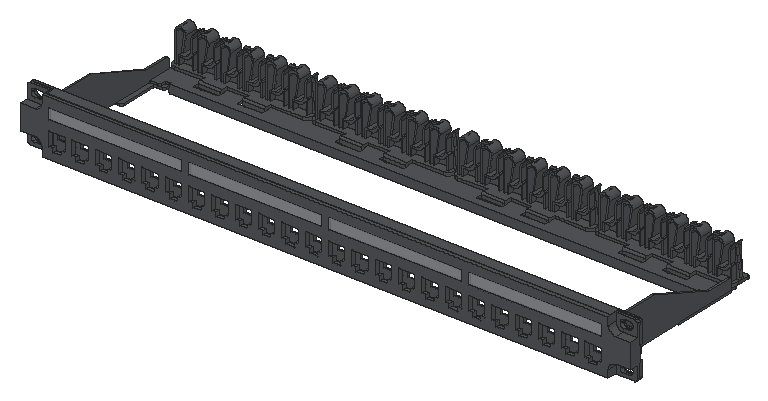
Revit family "Panneau de brassage", category Equipement spécialisé, Revit 2020 (continued)
Dimensions and locks
  aligned and locked: Extrusion 159 sketch curve to plane 627
  aligned and locked: Extrusion 159 sketch curve to plane 623
  aligned and locked: Extrusion 159 sketch curve to plane 622
  aligned and locked: Extrusion 159 sketch curve to Extrusion 159 sketch curve
  aligned and locked: plane 634 to Extrusion 160 sketch curve
  aligned and locked: Extrusion 160 sketch curve to plane 637
  aligned and locked: Extrusion 160 sketch curve to plane 643
  aligned and locked: Extrusion 160 sketch curve to plane 642
  aligned and locked: Extrusion 160 sketch curve to plane 638
  aligned and locked: plane 639 to Extrusion 160 sketch curve
  aligned and locked: Extrusion 160 sketch curve to plane 640
  aligned and locked: Extrusion 160 sketch curve to plane 636
  aligned and locked: Extrusion 160 sketch curve to plane 635
  aligned and locked: Extrusion 160 sketch curve to Extrusion 160 sketch curve
  aligned and locked: plane 647 to Extrusion 161 sketch curve
  aligned and locked: Extrusion 161 sketch curve to plane 650
  aligned and locked: Extrusion 161 sketch curve to plane 656
  aligned and locked: Extrusion 161 sketch curve to plane 655
  aligned and locked: Extrusion 161 sketch curve to plane 651
  aligned and locked: plane 652 to Extrusion 161 sketch curve
  aligned and locked: Extrusion 161 sketch curve to plane 653
  aligned and locked: Extrusion 161 sketch curve to plane 649
  aligned and locked: Extrusion 161 sketch curve to plane 648
  aligned and locked: Extrusion 161 sketch curve to Extrusion 161 sketch curve
  aligned and locked: plane 660 to Extrusion 162 sketch curve
  aligned and locked: Extrusion 162 sketch curve to plane 663
  aligned and locked: Extrusion 162 sketch curve to plane 669
  aligned and locked: Extrusion 162 sketch curve to plane 668
  aligned and locked: Extrusion 162 sketch curve to plane 664
  aligned and locked: plane 665 to Extrusion 162 sketch curve
  aligned and locked: Extrusion 162 sketch curve to plane 666
  aligned and locked: Extrusion 162 sketch curve to plane 662
  aligned and locked: Extrusion 162 sketch curve to plane 661
  aligned and locked: Extrusion 162 sketch curve to Extrusion 162 sketch curve
  aligned and locked: plane 673 to Extrusion 163 sketch curve
  aligned and locked: Extrusion 163 sketch curve to plane 676
  aligned and locked: Extrusion 163 sketch curve to plane 682
  aligned and locked: Extrusion 163 sketch curve to plane 681
  aligned and locked: Extrusion 163 sketch curve to plane 677
  aligned and locked: plane 678 to Extrusion 163 sketch curve
  aligned and locked: Extrusion 163 sketch curve to plane 679
  aligned and locked: Extrusion 163 sketch curve to plane 675
  aligned and locked: Extrusion 163 sketch curve to plane 674
  aligned and locked: Extrusion 163 sketch curve to Extrusion 163 sketch curve
  aligned and locked: Extrusion 164 sketch curve to Extrusion 158  (x10)
  aligned and locked: Extrusion 158 to Extrusion 164 sketch curve
  aligned and locked: Extrusion 160 to Extrusion 166 sketch curve
  aligned and locked: Extrusion 167 to Extrusion 161
  aligned and locked: Extrusion 162 to Extrusion 168 sketch curve
  aligned and locked: Extrusion 169 to Extrusion 163
  aligned and locked: plane 685 to Extrusion 158
  aligned and locked: plane 685 to Extrusion 170 sketch curve
  aligned and locked: plane 686 to Extrusion 171 sketch curve
  aligned and locked: plane 687 to Extrusion 172 sketch curve
  aligned and locked: plane 688 to Extrusion 173 sketch curve
  aligned and locked: plane 689 to Extrusion 174 sketch curve
  aligned and locked: Extrusion 175 sketch curve to plane 690
  aligned and locked: plane 692 to Extrusion 175 sketch curve
  aligned and locked: plane 691 to Extrusion 175 sketch curve
  aligned and locked: Extrusion 175 sketch curve to plane 693
  aligned and locked: plane 694 to Extrusion 178 sketch curve
  aligned and locked: plane 696 to Extrusion 175
  aligned and locked: plane 695 to Extrusion 178 sketch curve
  aligned and locked: Extrusion 179 sketch curve to plane 698
  aligned and locked: Extrusion 179 sketch curve to plane 699
  aligned and locked: Extrusion 178 to Extrusion 179 sketch curve  (x2)
  aligned and locked: plane 701 to Extrusion 180 sketch curve
  aligned and locked: Extrusion 180 to Extrusion 178
  aligned and locked: Extrusion 181 sketch curve to plane 702
  aligned and locked: plane 703 to Extrusion 181 sketch curve
  aligned and locked: plane 705 to Extrusion 182 sketch curve
  aligned and locked: Extrusion 182 sketch curve to plane 706
  aligned and locked: Extrusion 181 to Extrusion 182 sketch curve  (x2)
  aligned and locked: Extrusion 183 sketch curve to plane 708
  aligned and locked: Extrusion 183 to Extrusion 181
  aligned and locked: plane 710 to Extrusion 184 sketch curve
  aligned and locked: Extrusion 184 sketch curve to plane 713
  aligned and locked: Extrusion 184 sketch curve to plane 719
  aligned and locked: Extrusion 184 sketch curve to plane 718
  aligned and locked: Extrusion 184 sketch curve to plane 714
  aligned and locked: plane 715 to Extrusion 184 sketch curve
  aligned and locked: Extrusion 184 sketch curve to plane 716
  aligned and locked: Extrusion 184 sketch curve to plane 712
  aligned and locked: Extrusion 184 sketch curve to plane 711
  aligned and locked: Extrusion 184 sketch curve to Extrusion 184 sketch curve
  aligned and locked: plane 723 to Extrusion 185 sketch curve
  aligned and locked: Extrusion 185 sketch curve to plane 726
  aligned and locked: Extrusion 185 sketch curve to plane 732
  aligned and locked: Extrusion 185 sketch curve to plane 731
  aligned and locked: Extrusion 185 sketch curve to plane 727
  aligned and locked: plane 728 to Extrusion 185 sketch curve
  aligned and locked: Extrusion 185 sketch curve to plane 729
  aligned and locked: Extrusion 185 sketch curve to plane 725
  aligned and locked: Extrusion 185 sketch curve to plane 724
  aligned and locked: Extrusion 185 sketch curve to Extrusion 185 sketch curve
  aligned and locked: plane 736 to Extrusion 186 sketch curve
  aligned and locked: Extrusion 186 sketch curve to plane 739
  aligned and locked: Extrusion 186 sketch curve to plane 745
  aligned and locked: Extrusion 186 sketch curve to plane 744
  aligned and locked: Extrusion 186 sketch curve to plane 740
  aligned and locked: plane 741 to Extrusion 186 sketch curve
  aligned and locked: Extrusion 186 sketch curve to plane 742
  aligned and locked: Extrusion 186 sketch curve to plane 738
  aligned and locked: Extrusion 186 sketch curve to plane 737
  aligned and locked: Extrusion 186 sketch curve to Extrusion 186 sketch curve
  aligned and locked: plane 749 to Extrusion 187 sketch curve
  aligned and locked: Extrusion 187 sketch curve to plane 752
  aligned and locked: Extrusion 187 sketch curve to plane 758
  aligned and locked: Extrusion 187 sketch curve to plane 757
  aligned and locked: Extrusion 187 sketch curve to plane 753
  aligned and locked: plane 754 to Extrusion 187 sketch curve
  aligned and locked: Extrusion 187 sketch curve to plane 755
  aligned and locked: Extrusion 187 sketch curve to plane 751
  aligned and locked: Extrusion 187 sketch curve to plane 750
  aligned and locked: Extrusion 187 sketch curve to Extrusion 187 sketch curve
  aligned and locked: plane 762 to Extrusion 188 sketch curve
  aligned and locked: Extrusion 188 sketch curve to plane 765
  aligned and locked: Extrusion 188 sketch curve to plane 771
  aligned and locked: Extrusion 188 sketch curve to plane 770
  aligned and locked: Extrusion 188 sketch curve to plane 766
  aligned and locked: plane 767 to Extrusion 188 sketch curve
  aligned and locked: Extrusion 188 sketch curve to plane 768
  aligned and locked: Extrusion 188 sketch curve to plane 764
  aligned and locked: Extrusion 188 sketch curve to plane 763
  aligned and locked: Extrusion 188 sketch curve to Extrusion 188 sketch curve
  aligned and locked: plane 775 to Extrusion 189 sketch curve
  aligned and locked: Extrusion 189 sketch curve to plane 778
  aligned and locked: Extrusion 189 sketch curve to plane 784
  aligned and locked: Extrusion 189 sketch curve to plane 783
  aligned and locked: Extrusion 189 sketch curve to plane 779
  aligned and locked: plane 780 to Extrusion 189 sketch curve
  aligned and locked: Extrusion 189 sketch curve to plane 781
  aligned and locked: Extrusion 189 sketch curve to plane 777
  aligned and locked: Extrusion 189 sketch curve to plane 776
  aligned and locked: Extrusion 189 sketch curve to Extrusion 189 sketch curve
  aligned and locked: Extrusion 190 sketch curve to Extrusion 184  (x10)
  aligned and locked: Extrusion 184 to Extrusion 190 sketch curve
  aligned and locked: Extrusion 186 to Extrusion 192 sketch curve
  aligned and locked: Extrusion 193 to Extrusion 187
  aligned and locked: Extrusion 188 to Extrusion 194 sketch curve
  aligned and locked: Extrusion 195 to Extrusion 189
  aligned and locked: plane 787 to Extrusion 184
  aligned and locked: plane 787 to Extrusion 196 sketch curve
  aligned and locked: plane 788 to Extrusion 197 sketch curve
  aligned and locked: plane 789 to Extrusion 198 sketch curve
  aligned and locked: plane 790 to Extrusion 199 sketch curve
  aligned and locked: plane 791 to Extrusion 200 sketch curve
  aligned and locked: Extrusion 201 sketch curve to cut or joined group of Extrusion 31, Extrusion 32, Extrusion 33, Extrusion 34, Extrusion 35, Extrusion 36, Extrusion 37, Extrusion 38, Extrusion 39, Extrusion 40, Extrusion 41, Extrusion 42, Extrusion 43, Extrusion 44, Extrusion 45, Extrusion 46, Extrusion 47, Extrusion 48, Extrusion 49, Extrusion 50, Extrusion 51, Extrusion 52, Extrusion 53, Extrusion 54, Extrusion 55, Extrusion 56, Extrusion 57, Extrusion 58, Extrusion 59, Extrusion 60, Extrusion 61, Extrusion 62  (x16)
  aligned and locked: Extrusion 201 to cut or joined group of Extrusion 1, Extrusion 2, Extrusion 3, Extrusion 4, Extrusion 5, Extrusion 6, Extrusion 7, Extrusion 8, Extrusion 9, Extrusion 10, Extrusion 11, Extrusion 12, Extrusion 13, Extrusion 14, Extrusion 15, Extrusion 16, Extrusion 17, Extrusion 18, Extrusion 19, Extrusion 20, Extrusion 21, Extrusion 22, Extrusion 23, Extrusion 24, Extrusion 25, Extrusion 26, Extrusion 27, Extrusion 28, Extrusion 29, Extrusion 30, Extrusion 32
Automatic sketch dimensions
  Extrusion 7 sketch curve to Extrusion 7 sketch curve = 5.4 mm
  Extrusion 7 sketch curve to Extrusion 7 sketch curve = 4 mm
  Extrusion 7 sketch curve to Extrusion 7 sketch curve = 14.8 mm
  Extrusion 7 sketch curve to Extrusion 7 sketch curve = 20.6 mm
  Extrusion 7 sketch curve to Extrusion 7 sketch curve = 0 mm
  Extrusion 7 sketch curve to Extrusion 7 sketch curve = 2.1 mm
  Extrusion 8 sketch curve to Extrusion 8 sketch curve = 5.4 mm
  Extrusion 8 sketch curve to Extrusion 8 sketch curve = 4 mm
  Extrusion 8 sketch curve to Extrusion 8 sketch curve = 14.8 mm
  Extrusion 8 sketch curve to Extrusion 8 sketch curve = 20.6 mm
  Extrusion 8 sketch curve to Extrusion 8 sketch curve = 0 mm
  Extrusion 8 sketch curve to Extrusion 8 sketch curve = 2.1 mm
  Extrusion 9 sketch curve to Extrusion 9 sketch curve = 5.4 mm
  Extrusion 9 sketch curve to Extrusion 9 sketch curve = 4 mm
  Extrusion 9 sketch curve to Extrusion 9 sketch curve = 14.8 mm
  Extrusion 9 sketch curve to Extrusion 9 sketch curve = 20.6 mm
  Extrusion 9 sketch curve to Extrusion 9 sketch curve = 0 mm
  Extrusion 9 sketch curve to Extrusion 9 sketch curve = 2.1 mm
  Extrusion 10 sketch curve to Extrusion 10 sketch curve = 5.4 mm
  Extrusion 10 sketch curve to Extrusion 10 sketch curve = 4 mm
  Extrusion 10 sketch curve to Extrusion 10 sketch curve = 14.8 mm
  Extrusion 10 sketch curve to Extrusion 10 sketch curve = 20.6 mm
  Extrusion 10 sketch curve to Extrusion 10 sketch curve = 0 mm
  Extrusion 10 sketch curve to Extrusion 10 sketch curve = 2.1 mm
  Extrusion 11 sketch curve to Extrusion 11 sketch curve = 5.4 mm
  Extrusion 11 sketch curve to Extrusion 11 sketch curve = 4 mm
  Extrusion 11 sketch curve to Extrusion 11 sketch curve = 14.8 mm
  Extrusion 11 sketch curve to Extrusion 11 sketch curve = 20.6 mm
  Extrusion 11 sketch curve to Extrusion 11 sketch curve = 0 mm
  Extrusion 11 sketch curve to Extrusion 11 sketch curve = 2.1 mm
  Extrusion 12 sketch curve to Extrusion 12 sketch curve = 5.4 mm
  Extrusion 12 sketch curve to Extrusion 12 sketch curve = 4 mm
  Extrusion 12 sketch curve to Extrusion 12 sketch curve = 14.8 mm
  Extrusion 12 sketch curve to Extrusion 12 sketch curve = 20.6 mm
  Extrusion 12 sketch curve to Extrusion 12 sketch curve = 0 mm
  Extrusion 12 sketch curve to Extrusion 12 sketch curve = 2.1 mm
  Extrusion 13 sketch curve to Extrusion 13 sketch curve = 5.4 mm
  Extrusion 13 sketch curve to Extrusion 13 sketch curve = 4 mm
  Extrusion 13 sketch curve to Extrusion 13 sketch curve = 14.8 mm
  Extrusion 13 sketch curve to Extrusion 13 sketch curve = 20.6 mm
  Extrusion 13 sketch curve to Extrusion 13 sketch curve = 0 mm
  Extrusion 13 sketch curve to Extrusion 13 sketch curve = 2.1 mm
  Extrusion 14 sketch curve to Extrusion 14 sketch curve = 5.4 mm
  Extrusion 14 sketch curve to Extrusion 14 sketch curve = 4 mm
  Extrusion 14 sketch curve to Extrusion 14 sketch curve = 14.8 mm
  Extrusion 14 sketch curve to Extrusion 14 sketch curve = 20.6 mm
  Extrusion 14 sketch curve to Extrusion 14 sketch curve = 0 mm
  Extrusion 14 sketch curve to Extrusion 14 sketch curve = 2.1 mm
  Extrusion 15 sketch curve to Extrusion 15 sketch curve = 5.4 mm
  Extrusion 15 sketch curve to Extrusion 15 sketch curve = 4 mm
  Extrusion 15 sketch curve to Extrusion 15 sketch curve = 14.8 mm
  Extrusion 15 sketch curve to Extrusion 15 sketch curve = 20.6 mm
  Extrusion 15 sketch curve to Extrusion 15 sketch curve = 0 mm
  Extrusion 15 sketch curve to Extrusion 15 sketch curve = 2.1 mm
  Extrusion 16 sketch curve to Extrusion 16 sketch curve = 5.4 mm
  Extrusion 16 sketch curve to Extrusion 16 sketch curve = 4 mm
  Extrusion 16 sketch curve to Extrusion 16 sketch curve = 14.8 mm
  Extrusion 16 sketch curve to Extrusion 16 sketch curve = 20.6 mm
  Extrusion 16 sketch curve to Extrusion 16 sketch curve = 0 mm
  Extrusion 16 sketch curve to Extrusion 16 sketch curve = 2.1 mm
  Extrusion 17 sketch curve to Extrusion 17 sketch curve = 5.4 mm
  Extrusion 17 sketch curve to Extrusion 17 sketch curve = 4 mm
  Extrusion 17 sketch curve to Extrusion 17 sketch curve = 14.8 mm
  Extrusion 17 sketch curve to Extrusion 17 sketch curve = 20.6 mm
  Extrusion 17 sketch curve to Extrusion 17 sketch curve = 0 mm
  Extrusion 17 sketch curve to Extrusion 17 sketch curve = 2.1 mm
  Extrusion 18 sketch curve to Extrusion 18 sketch curve = 5.4 mm
  Extrusion 18 sketch curve to Extrusion 18 sketch curve = 4 mm
  Extrusion 18 sketch curve to Extrusion 18 sketch curve = 14.8 mm
  Extrusion 18 sketch curve to Extrusion 18 sketch curve = 20.6 mm
  Extrusion 18 sketch curve to Extrusion 18 sketch curve = 0 mm
  Extrusion 18 sketch curve to Extrusion 18 sketch curve = 2.1 mm
  Extrusion 19 sketch curve to Extrusion 19 sketch curve = 5.4 mm
  Extrusion 19 sketch curve to Extrusion 19 sketch curve = 4 mm
  Extrusion 19 sketch curve to Extrusion 19 sketch curve = 14.8 mm
  Extrusion 19 sketch curve to Extrusion 19 sketch curve = 20.6 mm
  Extrusion 19 sketch curve to Extrusion 19 sketch curve = 0 mm
  Extrusion 19 sketch curve to Extrusion 19 sketch curve = 2.1 mm
  Extrusion 20 sketch curve to Extrusion 20 sketch curve = 5.4 mm
  Extrusion 20 sketch curve to Extrusion 20 sketch curve = 4 mm
  Extrusion 20 sketch curve to Extrusion 20 sketch curve = 14.8 mm
  Extrusion 20 sketch curve to Extrusion 20 sketch curve = 20.6 mm
  Extrusion 20 sketch curve to Extrusion 20 sketch curve = 0 mm
  Extrusion 20 sketch curve to Extrusion 20 sketch curve = 2.1 mm
  Extrusion 21 sketch curve to Extrusion 21 sketch curve = 5.4 mm
  Extrusion 21 sketch curve to Extrusion 21 sketch curve = 4 mm
  Extrusion 21 sketch curve to Extrusion 21 sketch curve = 14.8 mm
  Extrusion 21 sketch curve to Extrusion 21 sketch curve = 20.6 mm
  Extrusion 21 sketch curve to Extrusion 21 sketch curve = 0 mm
  Extrusion 21 sketch curve to Extrusion 21 sketch curve = 2.1 mm
  Extrusion 22 sketch curve to Extrusion 22 sketch curve = 5.4 mm
  Extrusion 22 sketch curve to Extrusion 22 sketch curve = 4 mm
  Extrusion 22 sketch curve to Extrusion 22 sketch curve = 14.8 mm
  Extrusion 22 sketch curve to Extrusion 22 sketch curve = 20.6 mm
  Extrusion 22 sketch curve to Extrusion 22 sketch curve = 0 mm
  Extrusion 22 sketch curve to Extrusion 22 sketch curve = 2.1 mm
  Extrusion 23 sketch curve to Extrusion 23 sketch curve = 5.4 mm
  Extrusion 23 sketch curve to Extrusion 23 sketch curve = 4 mm
  Extrusion 23 sketch curve to Extrusion 23 sketch curve = 14.8 mm
  Extrusion 23 sketch curve to Extrusion 23 sketch curve = 20.6 mm
  Extrusion 23 sketch curve to Extrusion 23 sketch curve = 0 mm
  Extrusion 23 sketch curve to Extrusion 23 sketch curve = 2.1 mm
  Extrusion 24 sketch curve to Extrusion 24 sketch curve = 5.4 mm
  Extrusion 24 sketch curve to Extrusion 24 sketch curve = 4 mm
  Extrusion 24 sketch curve to Extrusion 24 sketch curve = 14.8 mm
  Extrusion 24 sketch curve to Extrusion 24 sketch curve = 20.6 mm
  Extrusion 24 sketch curve to Extrusion 24 sketch curve = 0 mm
  Extrusion 24 sketch curve to Extrusion 24 sketch curve = 2.1 mm
  Extrusion 25 sketch curve to Extrusion 25 sketch curve = 5.4 mm
  Extrusion 25 sketch curve to Extrusion 25 sketch curve = 4 mm
  Extrusion 25 sketch curve to Extrusion 25 sketch curve = 14.8 mm
  Extrusion 25 sketch curve to Extrusion 25 sketch curve = 20.6 mm
  Extrusion 25 sketch curve to Extrusion 25 sketch curve = 0 mm
  Extrusion 25 sketch curve to Extrusion 25 sketch curve = 2.1 mm
  Extrusion 26 sketch curve to Extrusion 26 sketch curve = 5.4 mm
  Extrusion 26 sketch curve to Extrusion 26 sketch curve = 4 mm
  Extrusion 26 sketch curve to Extrusion 26 sketch curve = 14.8 mm
  Extrusion 26 sketch curve to Extrusion 26 sketch curve = 20.6 mm
  Extrusion 26 sketch curve to Extrusion 26 sketch curve = 0 mm
  Extrusion 26 sketch curve to Extrusion 26 sketch curve = 2.1 mm
  Extrusion 27 sketch curve to Extrusion 27 sketch curve = 5.4 mm
  Extrusion 27 sketch curve to Extrusion 27 sketch curve = 4 mm
  Extrusion 27 sketch curve to Extrusion 27 sketch curve = 14.8 mm
  Extrusion 27 sketch curve to Extrusion 27 sketch curve = 20.6 mm
  Extrusion 27 sketch curve to Extrusion 27 sketch curve = 0 mm
  Extrusion 27 sketch curve to Extrusion 27 sketch curve = 2.1 mm
  Extrusion 28 sketch curve to Extrusion 28 sketch curve = 5.4 mm
  Extrusion 28 sketch curve to Extrusion 28 sketch curve = 4 mm
  Extrusion 28 sketch curve to Extrusion 28 sketch curve = 14.8 mm
  Extrusion 28 sketch curve to Extrusion 28 sketch curve = 20.6 mm
  Extrusion 28 sketch curve to Extrusion 28 sketch curve = 0 mm
  Extrusion 28 sketch curve to Extrusion 28 sketch curve = 2.1 mm
  Extrusion 29 sketch curve to Extrusion 29 sketch curve = 5.4 mm
  Extrusion 29 sketch curve to Extrusion 29 sketch curve = 4 mm
  Extrusion 29 sketch curve to Extrusion 29 sketch curve = 14.8 mm
  Extrusion 29 sketch curve to Extrusion 29 sketch curve = 20.6 mm
  Extrusion 29 sketch curve to Extrusion 29 sketch curve = 0 mm
  Extrusion 29 sketch curve to Extrusion 29 sketch curve = 2.1 mm
  Extrusion 30 sketch curve to Extrusion 30 sketch curve = 5.4 mm
  Extrusion 30 sketch curve to Extrusion 30 sketch curve = 4 mm
  Extrusion 30 sketch curve to Extrusion 30 sketch curve = 14.8 mm
  Extrusion 30 sketch curve to Extrusion 30 sketch curve = 20.6 mm
  Extrusion 30 sketch curve to Extrusion 30 sketch curve = 0 mm
  Extrusion 30 sketch curve to Extrusion 30 sketch curve = 2.1 mm
  plane 51 to Extrusion 35 sketch curve = 3.2 mm  (x2)
  plane 57 to Extrusion 36 sketch curve = 3.2 mm  (x2)
  plane 63 to Extrusion 37 sketch curve = 3.2 mm  (x2)
  plane 69 to Extrusion 38 sketch curve = 3.2 mm  (x2)
  plane 75 to Extrusion 39 sketch curve = 3.2 mm  (x2)
  plane 81 to Extrusion 40 sketch curve = 3.2 mm  (x2)
  plane 87 to Extrusion 41 sketch curve = 3.2 mm  (x2)
  plane 93 to Extrusion 42 sketch curve = 3.2 mm  (x2)
  plane 99 to Extrusion 43 sketch curve = 3.2 mm  (x2)
  plane 105 to Extrusion 44 sketch curve = 3.2 mm  (x2)
  plane 111 to Extrusion 45 sketch curve = 3.2 mm  (x2)
  plane 117 to Extrusion 46 sketch curve = 3.2 mm  (x2)
  plane 123 to Extrusion 47 sketch curve = 3.2 mm  (x2)
  plane 129 to Extrusion 48 sketch curve = 3.2 mm  (x2)
  plane 135 to Extrusion 49 sketch curve = 3.2 mm  (x2)
  plane 141 to Extrusion 50 sketch curve = 3.2 mm  (x2)
  plane 147 to Extrusion 51 sketch curve = 3.2 mm  (x2)
  plane 153 to Extrusion 52 sketch curve = 3.2 mm  (x2)
  plane 159 to Extrusion 53 sketch curve = 3.2 mm  (x2)
  plane 165 to Extrusion 54 sketch curve = 3.2 mm  (x2)
  plane 171 to Extrusion 55 sketch curve = 3.2 mm  (x2)
  plane 177 to Extrusion 56 sketch curve = 3.2 mm  (x2)
  plane 183 to Extrusion 57 sketch curve = 3.2 mm  (x2)
  plane 189 to Extrusion 58 sketch curve = 3.2 mm  (x2)
  Extrusion 106 sketch curve to Extrusion 106 sketch curve = 0 mm  (x2)
  Extrusion 106 sketch curve to plane 402 = 0 mm
  Extrusion 106 sketch curve to plane 404 = 0 mm
  plane 404 to Extrusion 106 sketch curve = 0 mm
  Extrusion 106 sketch curve to plane 408 = 0 mm  (x2)
  plane 412 to Extrusion 106 sketch curve = 0.3 mm
  Extrusion 106 sketch curve to plane 402 = 0.36 mm
  plane 404 to Extrusion 106 sketch curve = 0.2 mm
  Extrusion 106 sketch curve to plane 404 = 0.3 mm
  plane 408 to Extrusion 106 sketch curve = 0.465 mm
  Extrusion 106 sketch curve to plane 401 = 0.42 mm
  Extrusion 106 sketch curve to Extrusion 106 sketch curve = 1.189 mm
  Extrusion 106 sketch curve to plane 409 = 0.2 mm
  Extrusion 106 sketch curve to Extrusion 106 sketch curve = 1.215 mm
  plane 409 to Extrusion 106 sketch curve = 4.3 mm
  plane 412 to Extrusion 106 sketch curve = 1 mm  (x2)
  plane 409 to Extrusion 106 sketch curve = 3.8 mm
  Extrusion 106 sketch curve to Extrusion 106 sketch curve = 1.2 mm
  Extrusion 106 sketch curve to Extrusion 106 sketch curve = 0.1 mm
  Extrusion 106 sketch curve to plane 412 = 1.163 mm
  Extrusion 106 sketch curve to plane 410 = 5.8 mm  (x2)
  Extrusion 107 sketch curve to Extrusion 107 sketch curve = 0 mm  (x2)
  Extrusion 107 sketch curve to plane 415 = 0 mm
  Extrusion 107 sketch curve to plane 417 = 0 mm
  plane 417 to Extrusion 107 sketch curve = 0 mm
  Extrusion 107 sketch curve to plane 421 = 0 mm  (x2)
  plane 425 to Extrusion 107 sketch curve = 0.3 mm
  Extrusion 107 sketch curve to plane 415 = 0.36 mm
  plane 417 to Extrusion 107 sketch curve = 0.2 mm
  Extrusion 107 sketch curve to plane 417 = 0.3 mm
  plane 421 to Extrusion 107 sketch curve = 0.465 mm
  Extrusion 107 sketch curve to plane 414 = 0.42 mm
  Extrusion 107 sketch curve to Extrusion 107 sketch curve = 1.189 mm
  Extrusion 107 sketch curve to plane 422 = 0.2 mm
  Extrusion 107 sketch curve to Extrusion 107 sketch curve = 1.215 mm
  plane 422 to Extrusion 107 sketch curve = 4.3 mm
  plane 425 to Extrusion 107 sketch curve = 1 mm  (x2)
  plane 422 to Extrusion 107 sketch curve = 3.8 mm
  Extrusion 107 sketch curve to Extrusion 107 sketch curve = 1.2 mm
  Extrusion 107 sketch curve to Extrusion 107 sketch curve = 0.1 mm
  Extrusion 107 sketch curve to plane 425 = 1.163 mm
  Extrusion 107 sketch curve to plane 423 = 5.8 mm  (x2)
  Extrusion 108 sketch curve to Extrusion 108 sketch curve = 0 mm  (x2)
  Extrusion 108 sketch curve to plane 428 = 0 mm
  Extrusion 108 sketch curve to plane 430 = 0 mm
  plane 430 to Extrusion 108 sketch curve = 0 mm
  Extrusion 108 sketch curve to plane 434 = 0 mm  (x2)
  plane 438 to Extrusion 108 sketch curve = 0.3 mm
  Extrusion 108 sketch curve to plane 428 = 0.36 mm
  plane 430 to Extrusion 108 sketch curve = 0.2 mm
  Extrusion 108 sketch curve to plane 430 = 0.3 mm
  plane 434 to Extrusion 108 sketch curve = 0.465 mm
  Extrusion 108 sketch curve to plane 427 = 0.42 mm
  Extrusion 108 sketch curve to Extrusion 108 sketch curve = 1.189 mm
  Extrusion 108 sketch curve to plane 435 = 0.2 mm
  Extrusion 108 sketch curve to Extrusion 108 sketch curve = 1.215 mm
  plane 435 to Extrusion 108 sketch curve = 4.3 mm
  plane 438 to Extrusion 108 sketch curve = 1 mm  (x2)
  plane 435 to Extrusion 108 sketch curve = 3.8 mm
  Extrusion 108 sketch curve to Extrusion 108 sketch curve = 1.2 mm
  Extrusion 108 sketch curve to Extrusion 108 sketch curve = 0.1 mm
  Extrusion 108 sketch curve to plane 438 = 1.163 mm
  Extrusion 108 sketch curve to plane 436 = 5.8 mm  (x2)
  Extrusion 109 sketch curve to Extrusion 109 sketch curve = 0 mm  (x2)
  Extrusion 109 sketch curve to plane 441 = 0 mm
  Extrusion 109 sketch curve to plane 443 = 0 mm
  plane 443 to Extrusion 109 sketch curve = 0 mm
  Extrusion 109 sketch curve to plane 447 = 0 mm  (x2)
  plane 451 to Extrusion 109 sketch curve = 0.3 mm
  Extrusion 109 sketch curve to plane 441 = 0.36 mm
  plane 443 to Extrusion 109 sketch curve = 0.2 mm
  Extrusion 109 sketch curve to plane 443 = 0.3 mm
  plane 447 to Extrusion 109 sketch curve = 0.465 mm
  Extrusion 109 sketch curve to plane 440 = 0.42 mm
  Extrusion 109 sketch curve to Extrusion 109 sketch curve = 1.189 mm
  Extrusion 109 sketch curve to plane 448 = 0.2 mm
  Extrusion 109 sketch curve to Extrusion 109 sketch curve = 1.215 mm
  plane 448 to Extrusion 109 sketch curve = 4.3 mm
  plane 451 to Extrusion 109 sketch curve = 1 mm  (x2)
  plane 448 to Extrusion 109 sketch curve = 3.8 mm
  Extrusion 109 sketch curve to Extrusion 109 sketch curve = 1.2 mm
  Extrusion 109 sketch curve to Extrusion 109 sketch curve = 0.1 mm
  Extrusion 109 sketch curve to plane 451 = 1.163 mm
  Extrusion 109 sketch curve to plane 449 = 5.8 mm  (x2)
  Extrusion 110 sketch curve to Extrusion 110 sketch curve = 0 mm  (x2)
  Extrusion 110 sketch curve to plane 454 = 0 mm
  Extrusion 110 sketch curve to plane 456 = 0 mm
  plane 456 to Extrusion 110 sketch curve = 0 mm
  Extrusion 110 sketch curve to plane 460 = 0 mm  (x2)
  plane 464 to Extrusion 110 sketch curve = 0.3 mm
  Extrusion 110 sketch curve to plane 454 = 0.36 mm
  plane 456 to Extrusion 110 sketch curve = 0.2 mm
  Extrusion 110 sketch curve to plane 456 = 0.3 mm
  plane 460 to Extrusion 110 sketch curve = 0.465 mm
  Extrusion 110 sketch curve to plane 453 = 0.42 mm
  Extrusion 110 sketch curve to Extrusion 110 sketch curve = 1.189 mm
  Extrusion 110 sketch curve to plane 461 = 0.2 mm
  Extrusion 110 sketch curve to Extrusion 110 sketch curve = 1.215 mm
  plane 461 to Extrusion 110 sketch curve = 4.3 mm
  plane 464 to Extrusion 110 sketch curve = 1 mm  (x2)
  plane 461 to Extrusion 110 sketch curve = 3.8 mm
  Extrusion 110 sketch curve to Extrusion 110 sketch curve = 1.2 mm
  Extrusion 110 sketch curve to Extrusion 110 sketch curve = 0.1 mm
  Extrusion 110 sketch curve to plane 464 = 1.163 mm
  Extrusion 110 sketch curve to plane 462 = 5.8 mm  (x2)
  Extrusion 111 sketch curve to Extrusion 111 sketch curve = 0 mm  (x2)
  Extrusion 111 sketch curve to plane 467 = 0 mm
  Extrusion 111 sketch curve to plane 469 = 0 mm
  plane 469 to Extrusion 111 sketch curve = 0 mm
  Extrusion 111 sketch curve to plane 473 = 0 mm  (x2)
  plane 477 to Extrusion 111 sketch curve = 0.3 mm
  Extrusion 111 sketch curve to plane 467 = 0.36 mm
  plane 469 to Extrusion 111 sketch curve = 0.2 mm
  Extrusion 111 sketch curve to plane 469 = 0.3 mm
  plane 473 to Extrusion 111 sketch curve = 0.465 mm
  Extrusion 111 sketch curve to plane 466 = 0.42 mm
  Extrusion 111 sketch curve to Extrusion 111 sketch curve = 1.189 mm
  Extrusion 111 sketch curve to plane 474 = 0.2 mm
  Extrusion 111 sketch curve to Extrusion 111 sketch curve = 1.215 mm
  plane 474 to Extrusion 111 sketch curve = 4.3 mm
  plane 477 to Extrusion 111 sketch curve = 1 mm  (x2)
  plane 474 to Extrusion 111 sketch curve = 3.8 mm
  Extrusion 111 sketch curve to Extrusion 111 sketch curve = 1.2 mm
  Extrusion 111 sketch curve to Extrusion 111 sketch curve = 0.1 mm
  Extrusion 111 sketch curve to plane 477 = 1.163 mm
  Extrusion 111 sketch curve to plane 475 = 5.8 mm  (x2)
  plane 7 to Extrusion 1 sketch curve = 0 mm
  plane 22 to Extrusion 1 sketch curve = 1 mm
  Extrusion 1 sketch curve to plane 4 = 2.5 mm
  plane 15 to Extrusion 2 sketch curve = 3 mm  (x3)
  Extrusion 2 sketch curve to Extrusion 2 sketch curve = 0 mm
  Extrusion 2 sketch curve to plane 13 = 2.6 mm  (x4)
  Extrusion 3 sketch curve to plane 1 "Centre (avant/arrière)" = 0 mm  (x2)
  Extrusion 3 sketch curve to level = 0 mm
  Extrusion 3 sketch curve to plane 5 = 0 mm
  Extrusion 4 sketch curve to plane 13 = 0 mm
  Extrusion 4 sketch curve to plane 6 = 0 mm
  plane 1 "Centre (avant/arrière)" to Extrusion 4 sketch curve = 0 mm
  plane 1 "Centre (avant/arrière)" to Extrusion 4 sketch curve = 0.3 mm
  plane 1 "Centre (avant/arrière)" to Extrusion 4 sketch curve = 0.273 mm
  Extrusion 5 sketch curve to plane 4 = 0 mm
  Extrusion 5 sketch curve to plane 12 = 0 mm
  Extrusion 5 sketch curve to plane 11 = 0 mm
  Extrusion 5 sketch curve to Extrusion 5 sketch curve = 3 mm  (x2)
  Extrusion 5 sketch curve to plane 29 = 3 mm  (x2)
  Extrusion 5 sketch curve to Extrusion 5 sketch curve = 0 mm
  plane 30 to Extrusion 5 sketch curve = 3 mm  (x2)
  Extrusion 5 sketch curve to Extrusion 5 sketch curve = 0.478 mm
  plane 30 to Extrusion 5 sketch curve = 0.4 mm
  Extrusion 5 sketch curve to Extrusion 5 sketch curve = 2.425 mm
  Extrusion 6 sketch curve to plane 6 = 0 mm
  plane 1 "Centre (avant/arrière)" to Extrusion 6 sketch curve = 0 mm
  plane 35 to Extrusion 6 sketch curve = 0.75 mm
  plane 1 "Centre (avant/arrière)" to Extrusion 6 sketch curve = 0.3 mm
  plane 1 "Centre (avant/arrière)" to Extrusion 6 sketch curve = 0.273 mm
  Extrusion 31 sketch curve to plane 3 = 0 mm
  Extrusion 31 sketch curve to plane 8 = 0 mm
  Extrusion 31 sketch curve to plane 4 = 0 mm
  Extrusion 31 sketch curve to plane 23 = 0 mm
  Extrusion 31 sketch curve to plane 6 = 0 mm  (x2)
  Extrusion 32 sketch curve to plane 5 = 0 mm
  Extrusion 32 sketch curve to plane 7 = 0 mm
  plane 7 to Extrusion 32 sketch curve = 0 mm
  Extrusion 32 sketch curve to level = 0 mm
  Extrusion 33 sketch curve to plane 4 = 0 mm  (x2)
  Extrusion 33 sketch curve to level = 0 mm
  Extrusion 33 sketch curve to plane 5 = 0 mm
  plane 587 to Extrusion 33 sketch curve = 6.1 mm  (x2)
  Extrusion 33 sketch curve to plane 41 = 2.568 mm
  Extrusion 33 sketch curve to plane 21 = 4.765 mm
  Extrusion 34 sketch curve to Extrusion 32 = 0 mm  (x10)
  Extrusion 34 sketch curve to Extrusion 34 sketch curve = 2.5 mm  (x4)
  Extrusion 34 sketch curve to Extrusion 34 sketch curve = 0.7 mm  (x4)
  Extrusion 34 sketch curve to Extrusion 34 sketch curve = 3 mm  (x6)
  Extrusion 34 sketch curve to Extrusion 34 sketch curve = 0 mm  (x17)
  Extrusion 32 to Extrusion 34 sketch curve = 2.6 mm  (x3)
  Extrusion 34 sketch curve to Extrusion 34 sketch curve = 3.7 mm
  Extrusion 34 sketch curve to Extrusion 34 sketch curve = 4.3 mm  (x4)
  Extrusion 32 to Extrusion 34 sketch curve = 5.865 mm  (x2)
  Extrusion 34 sketch curve to Extrusion 32 = 451.6 mm
  Extrusion 32 to Extrusion 34 sketch curve = 2.865 mm  (x2)
  Extrusion 32 to Extrusion 34 sketch curve = 2.5 mm  (x2)
  Extrusion 34 sketch curve to Extrusion 34 sketch curve = 0.8 mm  (x2)
  Extrusion 63 sketch curve to plane 214 = 0 mm
  Extrusion 63 sketch curve to plane 1 "Centre (avant/arrière)" = 1.5 mm  (x2)
  Extrusion 63 sketch curve to plane 208 = 1.5 mm
  Extrusion 63 sketch curve to plane 210 = 1.5 mm
  Extrusion 63 to Extrusion 64 sketch curve = 1.5 mm
  Extrusion 63 to Extrusion 64 sketch curve = 2.5 mm
  Extrusion 64 sketch curve to Extrusion 64 sketch curve = 1.5 mm  (x3)
  Extrusion 65 sketch curve to plane 1 "Centre (avant/arrière)" = 0 mm
  Extrusion 65 sketch curve to plane 227 = 0 mm
  Extrusion 65 sketch curve to plane 1 "Centre (avant/arrière)" = 1.5 mm  (x2)
  Extrusion 65 sketch curve to plane 221 = 1.5 mm
  Extrusion 65 sketch curve to plane 223 = 1.5 mm
  Extrusion 66 sketch curve to Extrusion 65 = 0 mm
  Extrusion 66 sketch curve to Extrusion 66 sketch curve = 1.5 mm  (x4)
  Extrusion 66 sketch curve to Extrusion 66 sketch curve = 2 mm
  Extrusion 67 sketch curve to Extrusion 67 sketch curve = 1 mm  (x5)
  Extrusion 67 sketch curve to Extrusion 64 = 1 mm  (x2)
  Extrusion 67 sketch curve to Extrusion 67 sketch curve = 8.475 mm
  Extrusion 67 sketch curve to Extrusion 67 sketch curve = 6.475 mm
  Extrusion 67 sketch curve to Extrusion 67 sketch curve = 3.5 mm
  Extrusion 68 sketch curve to Extrusion 68 sketch curve = 1 mm  (x2)
  Extrusion 69 sketch curve to Extrusion 69 sketch curve = 1 mm  (x7)
  Extrusion 69 sketch curve to Extrusion 69 sketch curve = 16 mm
  Extrusion 69 sketch curve to Extrusion 69 sketch curve = 0 mm
  Extrusion 67 to Extrusion 69 sketch curve = 5 mm
  Extrusion 69 sketch curve to Extrusion 69 sketch curve = 4 mm
  Extrusion 70 sketch curve to Extrusion 70 sketch curve = 1 mm  (x6)
  Extrusion 70 sketch curve to Extrusion 70 sketch curve = 16 mm
  Extrusion 70 sketch curve to Extrusion 70 sketch curve = 0 mm  (x2)
  Extrusion 70 sketch curve to Extrusion 70 sketch curve = 17.63 mm
  Extrusion 67 to Extrusion 70 sketch curve = 5 mm
  Extrusion 70 sketch curve to Extrusion 70 sketch curve = 4 mm
  Extrusion 71 sketch curve to Extrusion 71 sketch curve = 1 mm  (x6)
  Extrusion 71 sketch curve to Extrusion 71 sketch curve = 16 mm
  Extrusion 71 sketch curve to Extrusion 71 sketch curve = 0 mm  (x2)
  Extrusion 71 sketch curve to Extrusion 71 sketch curve = 17.63 mm
  Extrusion 67 to Extrusion 71 sketch curve = 10 mm
  Extrusion 71 sketch curve to Extrusion 71 sketch curve = 4 mm
  Extrusion 72 sketch curve to Extrusion 72 sketch curve = 1 mm  (x6)
  Extrusion 72 sketch curve to Extrusion 72 sketch curve = 16 mm
  Extrusion 72 sketch curve to Extrusion 72 sketch curve = 0 mm  (x2)
  Extrusion 72 sketch curve to Extrusion 72 sketch curve = 17.63 mm
  Extrusion 67 to Extrusion 72 sketch curve = 10 mm
  Extrusion 72 sketch curve to Extrusion 72 sketch curve = 4 mm
  Extrusion 73 sketch curve to Extrusion 73 sketch curve = 1 mm  (x5)
  Extrusion 67 to Extrusion 74 sketch curve = 0 mm
  Extrusion 74 sketch curve to Extrusion 74 sketch curve = 1 mm  (x5)
  Extrusion 67 to Extrusion 75 sketch curve = 0 mm
  Extrusion 75 sketch curve to Extrusion 75 sketch curve = 1 mm  (x5)
  Extrusion 67 to Extrusion 76 sketch curve = 0 mm
  Extrusion 76 sketch curve to Extrusion 76 sketch curve = 1 mm  (x5)
  Extrusion 67 to Extrusion 77 sketch curve = 0 mm
  Extrusion 77 sketch curve to Extrusion 77 sketch curve = 1 mm  (x5)
  Extrusion 67 to Extrusion 78 sketch curve = 0 mm
  Extrusion 78 sketch curve to Extrusion 78 sketch curve = 1 mm  (x5)
  Extrusion 67 to Extrusion 79 sketch curve = 0 mm
  Extrusion 79 sketch curve to Extrusion 79 sketch curve = 1 mm  (x5)
  Extrusion 67 to Extrusion 80 sketch curve = 0 mm
  Extrusion 80 sketch curve to Extrusion 80 sketch curve = 1 mm  (x5)
  Extrusion 67 to Extrusion 81 sketch curve = 0 mm
  Extrusion 81 sketch curve to Extrusion 81 sketch curve = 1 mm  (x5)
  Extrusion 67 to Extrusion 82 sketch curve = 0 mm
  Extrusion 82 sketch curve to Extrusion 82 sketch curve = 1 mm  (x5)
  Extrusion 67 to Extrusion 83 sketch curve = 0 mm
  Extrusion 83 sketch curve to Extrusion 83 sketch curve = 1 mm  (x5)
  Extrusion 67 to Extrusion 84 sketch curve = 0 mm
  Extrusion 84 sketch curve to Extrusion 84 sketch curve = 1 mm  (x5)
  Extrusion 67 to Extrusion 85 sketch curve = 0 mm
  Extrusion 85 sketch curve to Extrusion 85 sketch curve = 1 mm  (x5)
  Extrusion 67 to Extrusion 86 sketch curve = 0 mm
  Extrusion 86 sketch curve to Extrusion 86 sketch curve = 1 mm  (x5)
  Extrusion 67 to Extrusion 87 sketch curve = 0 mm
  Extrusion 87 sketch curve to Extrusion 87 sketch curve = 1 mm  (x5)
  Extrusion 67 to Extrusion 88 sketch curve = 0 mm
  Extrusion 88 sketch curve to Extrusion 88 sketch curve = 1 mm  (x5)
  Extrusion 67 to Extrusion 89 sketch curve = 0 mm
  Extrusion 89 sketch curve to Extrusion 89 sketch curve = 1 mm  (x5)
  Extrusion 67 to Extrusion 90 sketch curve = 0 mm
  Extrusion 90 sketch curve to Extrusion 90 sketch curve = 1 mm  (x5)
  Extrusion 67 to Extrusion 91 sketch curve = 0 mm
  Extrusion 91 sketch curve to Extrusion 91 sketch curve = 1 mm  (x5)
  Extrusion 67 to Extrusion 92 sketch curve = 0 mm
  Extrusion 92 sketch curve to Extrusion 92 sketch curve = 1 mm  (x5)
  Extrusion 67 to Extrusion 93 sketch curve = 0 mm
  Extrusion 93 sketch curve to Extrusion 93 sketch curve = 1 mm  (x5)
  Extrusion 67 to Extrusion 94 sketch curve = 0 mm
  Extrusion 94 sketch curve to Extrusion 94 sketch curve = 1 mm  (x5)
  Extrusion 67 to Extrusion 95 sketch curve = 0 mm
  Extrusion 95 sketch curve to Extrusion 95 sketch curve = 1 mm  (x5)
  Extrusion 67 to Extrusion 96 sketch curve = 0 mm
  Extrusion 96 sketch curve to Extrusion 96 sketch curve = 1 mm  (x5)
  Extrusion 97 sketch curve to Extrusion 67 = 0.9 mm
  Extrusion 97 sketch curve to Extrusion 67 = 3.9 mm
  Extrusion 97 sketch curve to Extrusion 67 = 1 mm
  Extrusion 97 sketch curve to Extrusion 97 sketch curve = 2 mm
  plane 41 to Extrusion 98 sketch curve = 1.267 mm
  Extrusion 98 sketch curve to plane 478 = 14.465 mm
  Extrusion 98 sketch curve to Extrusion 98 sketch curve = 1.5 mm  (x2)
  Extrusion 98 sketch curve to Extrusion 98 sketch curve = 0.5 mm
  Extrusion 98 sketch curve to Extrusion 98 sketch curve = 2.5 mm
  Extrusion 98 sketch curve to plane 41 = 1.733 mm
  plane 41 to Extrusion 99 sketch curve = 1.267 mm
  Extrusion 99 sketch curve to plane 478 = 14.465 mm
  Extrusion 99 sketch curve to Extrusion 99 sketch curve = 1.5 mm  (x2)
  Extrusion 99 sketch curve to Extrusion 99 sketch curve = 0.5 mm  (x2)
  Extrusion 99 sketch curve to Extrusion 99 sketch curve = 2.5 mm
  plane 41 to Extrusion 99 sketch curve = 0.767 mm
  Extrusion 99 sketch curve to plane 41 = 1.233 mm
  Extrusion 100 sketch curve to plane 385 = 0 mm
  plane 41 to Extrusion 100 sketch curve = 0.766 mm
  Extrusion 102 sketch curve to plane 389 = 0 mm
  Extrusion 103 sketch curve to plane 394 = 0 mm
  plane 41 to Extrusion 103 sketch curve = 0.766 mm
  Extrusion 105 sketch curve to plane 397 = 0 mm
  plane 399 to Extrusion 105 sketch curve = 0.535 mm
  Extrusion 105 sketch curve to plane 398 = 2.5 mm
  plane 11 to Extrusion 112 sketch curve = 0.429 mm
  Extrusion 112 sketch curve to Extrusion 112 sketch curve = 1.5 mm
  plane 11 to Extrusion 112 sketch curve = 0.356 mm
  Extrusion 112 sketch curve to Extrusion 112 sketch curve = 0.291 mm
  Extrusion 112 sketch curve to Extrusion 112 sketch curve = 2.84 mm
  Extrusion 112 sketch curve to plane 28 = 0.95 mm
  Extrusion 112 sketch curve to Extrusion 112 sketch curve = 1 mm
  Extrusion 112 sketch curve to Extrusion 112 sketch curve = 0.3 mm
  plane 386 to Extrusion 112 sketch curve = 2.8 mm
  plane 3 to Extrusion 112 sketch curve = 0.4 mm
  Extrusion 112 sketch curve to Extrusion 112 sketch curve = 1.215 mm
  Extrusion 112 sketch curve to plane 28 = 0.25 mm
  plane 44 to Extrusion 112 sketch curve = 3.067 mm
  Extrusion 112 sketch curve to Extrusion 112 sketch curve = 1.628 mm
  plane 44 to Extrusion 113 sketch curve = 3.439 mm
  plane 380 to Extrusion 113 sketch curve = 9.84 mm
  plane 11 to Extrusion 113 sketch curve = 0.356 mm
  plane 380 to Extrusion 113 sketch curve = 7.591 mm
  Extrusion 113 sketch curve to Extrusion 113 sketch curve = 0.291 mm
  Extrusion 113 sketch curve to plane 28 = 1.718 mm
  Extrusion 113 sketch curve to Extrusion 113 sketch curve = 0.591 mm
  Extrusion 113 sketch curve to Extrusion 113 sketch curve = 2.84 mm
  Extrusion 113 sketch curve to plane 28 = 0.95 mm
  Extrusion 113 sketch curve to Extrusion 113 sketch curve = 0.36 mm
  Extrusion 113 sketch curve to plane 28 = 0.25 mm  (x2)
  Extrusion 113 sketch curve to Extrusion 113 sketch curve = 0.84 mm
  Extrusion 113 sketch curve to Extrusion 113 sketch curve = 1.2 mm  (x2)
  Extrusion 113 sketch curve to Extrusion 113 sketch curve = 0.3 mm
  Extrusion 113 sketch curve to plane 380 = 0.2 mm
  Extrusion 113 sketch curve to plane 391 = 3.25 mm
  plane 27 to Extrusion 113 sketch curve = 0.425 mm
  Extrusion 113 sketch curve to Extrusion 113 sketch curve = 1.535 mm
  plane 27 to Extrusion 113 sketch curve = 0.225 mm
  Extrusion 113 sketch curve to plane 12 = 2.575 mm
  Extrusion 113 sketch curve to Extrusion 113 sketch curve = 0 mm  (x2)
  Extrusion 113 sketch curve to Extrusion 113 sketch curve = 1.215 mm
  plane 44 to Extrusion 113 sketch curve = 2.017 mm
  Extrusion 113 sketch curve to Extrusion 113 sketch curve = 1.628 mm
  plane 27 to Extrusion 114 sketch curve = 0.425 mm
  Extrusion 114 sketch curve to Extrusion 114 sketch curve = 1.76 mm
  plane 27 to Extrusion 114 sketch curve = 0.225 mm
  Extrusion 114 sketch curve to Extrusion 114 sketch curve = 1.2 mm  (x2)
  Extrusion 114 sketch curve to plane 28 = 0.25 mm  (x2)
  Extrusion 114 sketch curve to Extrusion 114 sketch curve = 3.8 mm
  Extrusion 114 sketch curve to plane 381 = 2.9 mm
  Extrusion 114 sketch curve to plane 381 = 2.6 mm  (x2)
  Extrusion 114 sketch curve to Extrusion 114 sketch curve = 0.2 mm
  Extrusion 114 sketch curve to Extrusion 114 sketch curve = 0.64 mm
  Extrusion 114 sketch curve to plane 381 = 1.4 mm
  Extrusion 114 sketch curve to Extrusion 114 sketch curve = 0.3 mm
  plane 11 to Extrusion 114 sketch curve = 0.356 mm
  Extrusion 114 sketch curve to Extrusion 114 sketch curve = 0.291 mm
  plane 381 to Extrusion 114 sketch curve = 1.44 mm
  Extrusion 114 sketch curve to plane 12 = 2.575 mm
  Extrusion 114 sketch curve to Extrusion 114 sketch curve = 0 mm  (x2)
  Extrusion 114 sketch curve to plane 28 = 2.933 mm
  Extrusion 114 sketch curve to Extrusion 114 sketch curve = 1.215 mm
  plane 44 to Extrusion 114 sketch curve = 2.017 mm
  plane 44 to Extrusion 114 sketch curve = 3.439 mm
  Extrusion 114 sketch curve to Extrusion 114 sketch curve = 1.628 mm
  plane 44 to Extrusion 115 sketch curve = 3.439 mm
  plane 381 to Extrusion 115 sketch curve = 19.44 mm
  plane 11 to Extrusion 115 sketch curve = 0.356 mm
  Extrusion 115 sketch curve to Extrusion 115 sketch curve = 2.249 mm
  Extrusion 115 sketch curve to Extrusion 115 sketch curve = 0.291 mm
  Extrusion 115 sketch curve to plane 28 = 1.718 mm
  Extrusion 115 sketch curve to Extrusion 115 sketch curve = 0.591 mm
  Extrusion 115 sketch curve to Extrusion 115 sketch curve = 2.84 mm
  Extrusion 115 sketch curve to plane 28 = 0.95 mm
  Extrusion 115 sketch curve to Extrusion 115 sketch curve = 0.36 mm
  Extrusion 115 sketch curve to plane 28 = 0.25 mm  (x2)
  Extrusion 115 sketch curve to Extrusion 115 sketch curve = 0.84 mm
  Extrusion 115 sketch curve to Extrusion 115 sketch curve = 1.2 mm  (x2)
  Extrusion 115 sketch curve to Extrusion 115 sketch curve = 0.3 mm
  plane 27 to Extrusion 115 sketch curve = 0.225 mm
  Extrusion 115 sketch curve to Extrusion 115 sketch curve = 5.7 mm
  Extrusion 115 sketch curve to plane 12 = 2.575 mm  (x2)
  plane 381 to Extrusion 115 sketch curve = 5.6 mm
  plane 27 to Extrusion 115 sketch curve = 0.425 mm
  Extrusion 115 sketch curve to Extrusion 115 sketch curve = 1.76 mm
  Extrusion 115 sketch curve to Extrusion 115 sketch curve = 0 mm
  Extrusion 115 sketch curve to Extrusion 115 sketch curve = 1.215 mm
  plane 44 to Extrusion 115 sketch curve = 2.017 mm
  Extrusion 115 sketch curve to Extrusion 115 sketch curve = 1.628 mm
  plane 27 to Extrusion 116 sketch curve = 0.425 mm
  Extrusion 116 sketch curve to Extrusion 116 sketch curve = 1.76 mm
  plane 27 to Extrusion 116 sketch curve = 0.225 mm
  Extrusion 116 sketch curve to Extrusion 116 sketch curve = 1.2 mm  (x3)
  Extrusion 116 sketch curve to plane 28 = 0.25 mm  (x2)
  Extrusion 116 sketch curve to Extrusion 116 sketch curve = 3.8 mm
  Extrusion 116 sketch curve to Extrusion 116 sketch curve = 5.7 mm
  Extrusion 116 sketch curve to plane 12 = 2.575 mm  (x2)
  Extrusion 116 sketch curve to Extrusion 116 sketch curve = 6 mm  (x2)
  plane 44 to Extrusion 116 sketch curve = 2.017 mm
  Extrusion 116 sketch curve to Extrusion 116 sketch curve = 0.2 mm
  Extrusion 116 sketch curve to plane 28 = 0.95 mm
  Extrusion 116 sketch curve to Extrusion 116 sketch curve = 0.64 mm
  plane 44 to Extrusion 116 sketch curve = 5.067 mm
  Extrusion 116 sketch curve to Extrusion 116 sketch curve = 0.3 mm
  plane 11 to Extrusion 116 sketch curve = 0.356 mm
  Extrusion 116 sketch curve to Extrusion 116 sketch curve = 0.291 mm
  Extrusion 116 sketch curve to Extrusion 116 sketch curve = 2.84 mm
  Extrusion 116 sketch curve to Extrusion 116 sketch curve = 0 mm
  Extrusion 116 sketch curve to Extrusion 116 sketch curve = 1.215 mm
  Extrusion 116 sketch curve to Extrusion 116 sketch curve = 1.628 mm
  Extrusion 117 sketch curve to plane 12 = 2.575 mm  (x2)
  Extrusion 117 sketch curve to plane 492 = 8 mm
  Extrusion 117 sketch curve to Extrusion 117 sketch curve = 3.5 mm
  plane 44 to Extrusion 117 sketch curve = 4.698 mm
  Extrusion 117 sketch curve to plane 492 = 11.645 mm
  Extrusion 117 sketch curve to plane 28 = 0.95 mm
  Extrusion 117 sketch curve to Extrusion 117 sketch curve = 0.36 mm
  Extrusion 117 sketch curve to Extrusion 117 sketch curve = 0.64 mm
  Extrusion 117 sketch curve to plane 28 = 0.25 mm  (x2)
  Extrusion 117 sketch curve to Extrusion 117 sketch curve = 0.84 mm
  Extrusion 117 sketch curve to Extrusion 117 sketch curve = 1.2 mm  (x2)
  Extrusion 117 sketch curve to Extrusion 117 sketch curve = 0.3 mm
  plane 27 to Extrusion 117 sketch curve = 0.225 mm
  Extrusion 117 sketch curve to Extrusion 117 sketch curve = 5.7 mm
  Extrusion 117 sketch curve to Extrusion 117 sketch curve = 3.8 mm
  plane 27 to Extrusion 117 sketch curve = 0.425 mm
  Extrusion 117 sketch curve to Extrusion 117 sketch curve = 1.76 mm
  Extrusion 117 sketch curve to Extrusion 117 sketch curve = 0 mm
  Extrusion 117 sketch curve to Extrusion 117 sketch curve = 1.215 mm
  plane 44 to Extrusion 117 sketch curve = 2.017 mm
  plane 479 to Extrusion 118 sketch curve = 2.257 mm
  Extrusion 118 sketch curve to plane 391 = 3.16 mm
  plane 44 to Extrusion 118 sketch curve = 3.067 mm
  plane 44 to Extrusion 118 sketch curve = 5.117 mm
  Extrusion 118 sketch curve to Extrusion 118 sketch curve = 1 mm
  Extrusion 118 sketch curve to Extrusion 118 sketch curve = 1.2 mm
  Extrusion 118 sketch curve to Extrusion 118 sketch curve = 0 mm
  plane 480 to Extrusion 119 sketch curve = 2.257 mm
  Extrusion 119 sketch curve to Extrusion 119 sketch curve = 4.833 mm
  plane 44 to Extrusion 119 sketch curve = 3.067 mm
  plane 44 to Extrusion 119 sketch curve = 5.117 mm
  Extrusion 119 sketch curve to Extrusion 119 sketch curve = 1 mm
  Extrusion 119 sketch curve to Extrusion 119 sketch curve = 1.2 mm
  Extrusion 119 sketch curve to Extrusion 119 sketch curve = 0 mm
  plane 381 to Extrusion 120 sketch curve = 0.857 mm
  Extrusion 120 sketch curve to Extrusion 120 sketch curve = 4.833 mm
  plane 44 to Extrusion 120 sketch curve = 3.067 mm
  plane 44 to Extrusion 120 sketch curve = 5.117 mm
  Extrusion 120 sketch curve to Extrusion 120 sketch curve = 1 mm
  Extrusion 120 sketch curve to Extrusion 120 sketch curve = 1.2 mm
  Extrusion 120 sketch curve to Extrusion 120 sketch curve = 0 mm
  plane 482 to Extrusion 121 sketch curve = 2.257 mm
  Extrusion 121 sketch curve to Extrusion 121 sketch curve = 4.833 mm
  plane 44 to Extrusion 121 sketch curve = 3.067 mm
  plane 44 to Extrusion 121 sketch curve = 5.117 mm
  Extrusion 121 sketch curve to Extrusion 121 sketch curve = 1 mm
  Extrusion 121 sketch curve to Extrusion 121 sketch curve = 1.2 mm
  Extrusion 121 sketch curve to Extrusion 121 sketch curve = 0 mm
  plane 483 to Extrusion 122 sketch curve = 2.257 mm
  Extrusion 122 sketch curve to Extrusion 122 sketch curve = 4.833 mm
  plane 44 to Extrusion 122 sketch curve = 3.067 mm
  plane 44 to Extrusion 122 sketch curve = 5.117 mm
  Extrusion 122 sketch curve to Extrusion 122 sketch curve = 1 mm
  Extrusion 122 sketch curve to Extrusion 122 sketch curve = 1.2 mm
  Extrusion 122 sketch curve to Extrusion 122 sketch curve = 0 mm
  Extrusion 123 sketch curve to Extrusion 123 sketch curve = 2 mm  (x2)
  Extrusion 123 sketch curve to Extrusion 123 sketch curve = 5 mm
  Extrusion 123 sketch curve to Extrusion 67 = 1 mm
  plane 41 to Extrusion 124 sketch curve = 1.267 mm
  Extrusion 124 sketch curve to plane 478 = 14.465 mm
  Extrusion 124 sketch curve to Extrusion 124 sketch curve = 1.5 mm  (x2)
  Extrusion 124 sketch curve to Extrusion 124 sketch curve = 0.5 mm
  Extrusion 124 sketch curve to Extrusion 124 sketch curve = 2.5 mm
  plane 41 to Extrusion 124 sketch curve = 0.767 mm
  Extrusion 124 sketch curve to plane 41 = 1.233 mm
  Extrusion 124 sketch curve to plane 41 = 1.733 mm
  plane 41 to Extrusion 125 sketch curve = 1.267 mm
  Extrusion 125 sketch curve to plane 478 = 14.465 mm
  Extrusion 125 sketch curve to Extrusion 125 sketch curve = 1.5 mm  (x2)
  Extrusion 125 sketch curve to Extrusion 125 sketch curve = 0.5 mm  (x2)
  Extrusion 125 sketch curve to Extrusion 125 sketch curve = 2.5 mm
  plane 41 to Extrusion 125 sketch curve = 0.767 mm
  Extrusion 125 sketch curve to plane 41 = 1.233 mm
  Extrusion 126 sketch curve to plane 491 = 0 mm
  plane 41 to Extrusion 126 sketch curve = 0.766 mm
  Extrusion 128 sketch curve to plane 495 = 0 mm
  plane 399 to Extrusion 128 sketch curve = 0.535 mm
  Extrusion 128 sketch curve to plane 496 = 2.5 mm
  Extrusion 129 sketch curve to plane 499 = 0 mm
  plane 41 to Extrusion 129 sketch curve = 0.766 mm
  Extrusion 131 sketch curve to plane 502 = 0 mm
  plane 399 to Extrusion 131 sketch curve = 0.535 mm
  Extrusion 131 sketch curve to plane 503 = 2.5 mm
  Extrusion 132 sketch curve to Extrusion 132 sketch curve = 0 mm  (x2)
  Extrusion 132 sketch curve to plane 506 = 0 mm
  Extrusion 132 sketch curve to plane 508 = 0 mm
  plane 508 to Extrusion 132 sketch curve = 0 mm
  Extrusion 132 sketch curve to plane 512 = 0 mm  (x2)
  plane 516 to Extrusion 132 sketch curve = 0.3 mm
  Extrusion 132 sketch curve to plane 506 = 0.36 mm
  plane 508 to Extrusion 132 sketch curve = 0.2 mm
  Extrusion 132 sketch curve to plane 508 = 0.3 mm
  plane 512 to Extrusion 132 sketch curve = 0.465 mm
  plane 492 to Extrusion 132 sketch curve = 3.3 mm
  Extrusion 132 sketch curve to plane 28 = 0.25 mm  (x2)
  plane 492 to Extrusion 132 sketch curve = 2.8 mm
  Extrusion 132 sketch curve to plane 505 = 0.42 mm
  Extrusion 132 sketch curve to Extrusion 132 sketch curve = 1.189 mm
  plane 28 to Extrusion 132 sketch curve = 0.95 mm
  plane 492 to Extrusion 132 sketch curve = 1.5 mm
  plane 492 to Extrusion 132 sketch curve = 0.311 mm
  Extrusion 132 sketch curve to plane 513 = 0.2 mm
  Extrusion 132 sketch curve to plane 12 = 2.575 mm  (x2)
  Extrusion 132 sketch curve to Extrusion 132 sketch curve = 1.215 mm
  Extrusion 133 sketch curve to Extrusion 133 sketch curve = 0 mm  (x2)
  Extrusion 133 sketch curve to plane 519 = 0 mm
  Extrusion 133 sketch curve to plane 521 = 0 mm
  plane 521 to Extrusion 133 sketch curve = 0 mm
  Extrusion 133 sketch curve to plane 525 = 0 mm  (x2)
  plane 529 to Extrusion 133 sketch curve = 0.3 mm
  Extrusion 133 sketch curve to plane 519 = 0.36 mm
  plane 521 to Extrusion 133 sketch curve = 0.2 mm
  Extrusion 133 sketch curve to plane 521 = 0.3 mm
  plane 525 to Extrusion 133 sketch curve = 0.465 mm
  plane 526 to Extrusion 133 sketch curve = 4.3 mm
  Extrusion 133 sketch curve to plane 28 = 0.25 mm  (x2)
  plane 526 to Extrusion 133 sketch curve = 3.8 mm
  Extrusion 133 sketch curve to plane 518 = 0.42 mm
  Extrusion 133 sketch curve to Extrusion 133 sketch curve = 1.189 mm
  plane 28 to Extrusion 133 sketch curve = 0.95 mm
  Extrusion 133 sketch curve to Extrusion 133 sketch curve = 0.1 mm
  Extrusion 133 sketch curve to plane 529 = 1.163 mm
  Extrusion 133 sketch curve to plane 526 = 0.2 mm
  Extrusion 133 sketch curve to plane 12 = 2.575 mm  (x2)
  Extrusion 133 sketch curve to Extrusion 133 sketch curve = 1.215 mm
  Extrusion 134 sketch curve to Extrusion 134 sketch curve = 0 mm  (x2)
  Extrusion 134 sketch curve to plane 532 = 0 mm
  Extrusion 134 sketch curve to plane 534 = 0 mm
  plane 534 to Extrusion 134 sketch curve = 0 mm
  Extrusion 134 sketch curve to plane 538 = 0 mm  (x2)
  plane 542 to Extrusion 134 sketch curve = 0.3 mm
  Extrusion 134 sketch curve to plane 532 = 0.36 mm
  plane 534 to Extrusion 134 sketch curve = 0.2 mm
  Extrusion 134 sketch curve to plane 534 = 0.3 mm
  plane 538 to Extrusion 134 sketch curve = 0.465 mm
  plane 539 to Extrusion 134 sketch curve = 4.3 mm
  Extrusion 134 sketch curve to plane 28 = 0.25 mm  (x2)
  plane 539 to Extrusion 134 sketch curve = 3.8 mm
  Extrusion 134 sketch curve to plane 531 = 0.42 mm
  Extrusion 134 sketch curve to Extrusion 134 sketch curve = 1.189 mm
  plane 28 to Extrusion 134 sketch curve = 0.95 mm
  Extrusion 134 sketch curve to Extrusion 134 sketch curve = 0.1 mm
  Extrusion 134 sketch curve to plane 542 = 1.163 mm
  Extrusion 134 sketch curve to plane 539 = 0.2 mm
  Extrusion 134 sketch curve to plane 12 = 2.575 mm  (x2)
  Extrusion 134 sketch curve to Extrusion 134 sketch curve = 1.215 mm
  Extrusion 135 sketch curve to Extrusion 135 sketch curve = 0 mm  (x2)
  Extrusion 135 sketch curve to plane 545 = 0 mm
  Extrusion 135 sketch curve to plane 547 = 0 mm
  plane 547 to Extrusion 135 sketch curve = 0 mm
  Extrusion 135 sketch curve to plane 551 = 0 mm  (x2)
  plane 555 to Extrusion 135 sketch curve = 0.3 mm
  Extrusion 135 sketch curve to plane 545 = 0.36 mm
  plane 547 to Extrusion 135 sketch curve = 0.2 mm
  Extrusion 135 sketch curve to plane 547 = 0.3 mm
  plane 551 to Extrusion 135 sketch curve = 0.465 mm
  plane 552 to Extrusion 135 sketch curve = 4.3 mm
  Extrusion 135 sketch curve to plane 28 = 0.25 mm  (x2)
  plane 552 to Extrusion 135 sketch curve = 3.8 mm
  Extrusion 135 sketch curve to plane 544 = 0.42 mm
  Extrusion 135 sketch curve to Extrusion 135 sketch curve = 1.189 mm
  plane 28 to Extrusion 135 sketch curve = 0.95 mm
  Extrusion 135 sketch curve to Extrusion 135 sketch curve = 0.1 mm
  Extrusion 135 sketch curve to plane 555 = 1.163 mm
  Extrusion 135 sketch curve to plane 552 = 0.2 mm
  Extrusion 135 sketch curve to plane 12 = 2.575 mm  (x2)
  Extrusion 135 sketch curve to Extrusion 135 sketch curve = 1.215 mm
  Extrusion 136 sketch curve to Extrusion 136 sketch curve = 0 mm  (x2)
  Extrusion 136 sketch curve to plane 558 = 0 mm
  Extrusion 136 sketch curve to plane 560 = 0 mm
  plane 560 to Extrusion 136 sketch curve = 0 mm
  Extrusion 136 sketch curve to plane 564 = 0 mm  (x2)
  plane 568 to Extrusion 136 sketch curve = 0.3 mm
  Extrusion 136 sketch curve to plane 558 = 0.36 mm
  plane 560 to Extrusion 136 sketch curve = 0.2 mm
  Extrusion 136 sketch curve to plane 560 = 0.3 mm
  plane 243 to Extrusion 136 sketch curve = 0.268 mm
  Extrusion 136 sketch curve to plane 243 = 0.232 mm
  Extrusion 136 sketch curve to plane 557 = 0.42 mm
  Extrusion 136 sketch curve to plane 243 = 0.921 mm
  plane 28 to Extrusion 136 sketch curve = 0.95 mm
  Extrusion 136 sketch curve to plane 243 = 1.532 mm
  Extrusion 136 sketch curve to plane 568 = 1.163 mm
  Extrusion 136 sketch curve to Extrusion 136 sketch curve = 1.189 mm
  Extrusion 136 sketch curve to plane 565 = 0.2 mm
  Extrusion 136 sketch curve to plane 12 = 2.575 mm  (x2)
  Extrusion 136 sketch curve to Extrusion 136 sketch curve = 1.215 mm
  Extrusion 136 sketch curve to plane 28 = 0.25 mm  (x2)
  Extrusion 137 sketch curve to Extrusion 137 sketch curve = 0 mm  (x2)
  Extrusion 137 sketch curve to plane 571 = 0 mm
  Extrusion 137 sketch curve to plane 573 = 0 mm
  plane 573 to Extrusion 137 sketch curve = 0 mm
  Extrusion 137 sketch curve to plane 577 = 0 mm  (x2)
  plane 581 to Extrusion 137 sketch curve = 0.3 mm
  Extrusion 137 sketch curve to plane 571 = 0.36 mm
  plane 573 to Extrusion 137 sketch curve = 0.2 mm
  Extrusion 137 sketch curve to plane 573 = 0.3 mm
  Extrusion 137 sketch curve to plane 43 = 0.635 mm
  Extrusion 137 sketch curve to plane 43 = 0.135 mm
  plane 43 to Extrusion 137 sketch curve = 0.554 mm
  plane 28 to Extrusion 137 sketch curve = 0.95 mm
  plane 43 to Extrusion 137 sketch curve = 1.165 mm
  Extrusion 137 sketch curve to plane 581 = 1.163 mm
  Extrusion 137 sketch curve to Extrusion 137 sketch curve = 1.189 mm
  plane 578 to Extrusion 137 sketch curve = 0.09 mm
